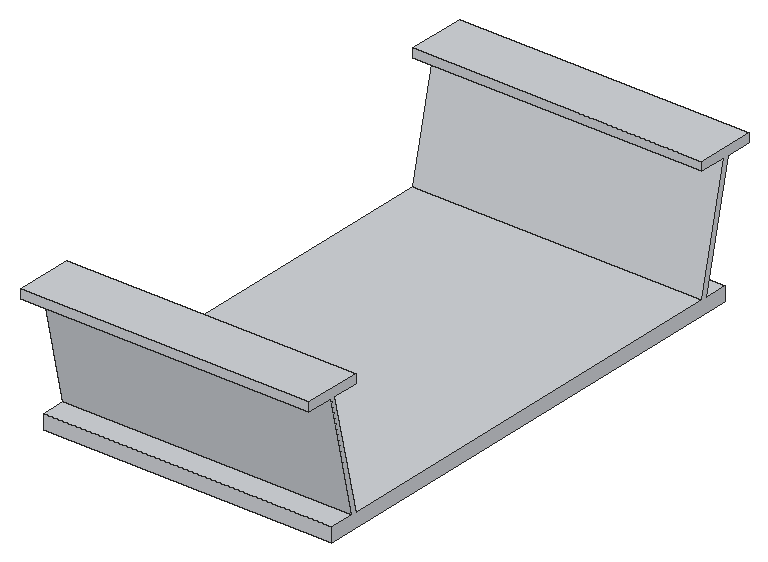
Revit family "SteelBeamSegmentDB", category Structural Framing, Revit 2020
Family settings
  Section Shape = User Defined
  Material for Model Behavior = Steel
  Always export as geometry = No
  OmniClass Number = 23.25.30.11.14.14
  OmniClass Title = Beams
  Always vertical = Yes
  Cut with Voids When Loaded = No
  Symbolic Representation = From Family
  Shared = Yes
  Show family pre-cut in plan views = Yes
Parameters
  Width = 0 mm
  Weight [instance] = 0
  Structural Material [instance] = Steel, S 275
  Sofistik Section = "$prog aqua\r\nHEAD Testversion\r\n$prog aqua\r\nHEAD Section SteelBeamDB\r\n$ Revit defined Cross Section\r\nSECT 1 BTYP CENT TITL 'DB_Profile' MNO 1\r\n$ Polygonal Shape\r\nPOLY TYPE OPZ\r\nVERT NO Y                                                       Z\r\nVERT 1  0                                                       =#Parapet_Thickness+#Beam_Height\r\nVERT 2  =#Lane_Width                                            =#Parapet_Thickness+#Beam_Height\r\nVERT 3  =#Lane_Width+#Parapet_Width/2-#Beam_Thickness/2         =#Parapet_Thickness\r\nVERT 4  =#Lane_Width                                            =#Parapet_Thickness\r\nVERT 5  =#Lane_Width                                            0\r\nVERT 6  =#Lane_Width+#Parapet_Width                             0\r\nVERT 7  =#Lane_Width+#Parapet_Width                             =#Parapet_Thickness\r\nVERT 8  =#Lane_Width+#Parapet_Width/2+#Beam_Thickness/2         =#Parapet_Thickness\r\nVERT 9  =#Lane_Width+#Beam_Thickness                            =#Parapet_Thickness+#Beam_Height\r\nVERT 10 =#Lane_Width+#Beam_Thickness+#Parapet_Width/2           =#Parapet_Thickness+#Beam_Height\r\nVERT 11 =#Lane_Width+#Beam_Thickness+#Parapet_Width/2           =#Parapet_Thickness+#Beam_Height+#Slab_Thickness\r\nVERT 12 0                                                       =#Parapet_Thickness+#Beam_Height+#Slab_Thickness"  # constant formula
  Slab_Thickness [instance] = 100 mm
  Parapet_Thickness [instance] = 60 mm
  Parapet_Width [instance] = 400 mm
  Max_Displacement [instance] = 0
  Max_Stress [instance] = 0
  Length [instance] = 3000 mm
  Lane_Width [instance] = 1500 mm
  Height = 0 mm
  Beam_Thickness [instance] = 30 mm
  Beam_Height [instance] = 800 mm
  Analysis_Report [instance] = ""
Reference planes
  plane 1 "Center (Front/Back)": y = 0
  plane 2 "Center Elevation": z = 0
  plane 3 "Center (Left/Right)": x = 0
  plane 4 "Left": x = -1500
  plane 5 "Member Left": x = -1250
  plane 6 "Stick Symbol Left": x = -1000
  plane 7 "Right": x = 1500
  plane 8 "Member Right": x = 1250
  plane 9 "Stick Symbol Right": x = 1000
Forms (mm)
  Sweep 1, solid
    path in 3D
      loop
        line (-1000, 0, 0) -> (1000, 0, 0)
    profile "SteelProfileDB : SteelProfileDB" origin (0, 0, 0) x (0, 1, 0) y (0, 0, 1)
      loop
        line (1688.646, -30) -> (1500, -830) -> (-1500, -830) -> (-1685, -30) -> (-1500, -30) -> (-1500, 30) -> (-1900, 30) -> (-1900, -30) -> (-1715, -30) -> (-1530, -830) -> (-1700, -830) -> (-1700, -930) -> (1700, -930) -> (1700, -830) -> (1530, -830) -> (1718.646, -30) -> (1900, -30) -> (1900, 30) -> (1500, 30) -> (1500, -30) -> (1688.646, -30)
Lines and regions (mm)
  model lines, style "Stick Symbols", detail levels coarse
    curve 1: line (-1000, 0, 0) -> (1000, 0, 0)
  sketch lines
    curve 2: line (-1000, 0, 0) -> (1000, 0, 0)
Dimensions and locks
  equal spacing: plane 4 "Left", plane 3 "Center (Left/Right)", plane 7 "Right"
  "Length": plane 4 "Left" to plane 7 "Right"
  aligned and locked: plane 1 "Center (Front/Back)" to curve 1
  aligned and locked: plane 6 "Stick Symbol Left" to curve 1
  aligned and locked: plane 9 "Stick Symbol Right" to curve 1
  aligned and locked: level to plane 2 "Center Elevation"
